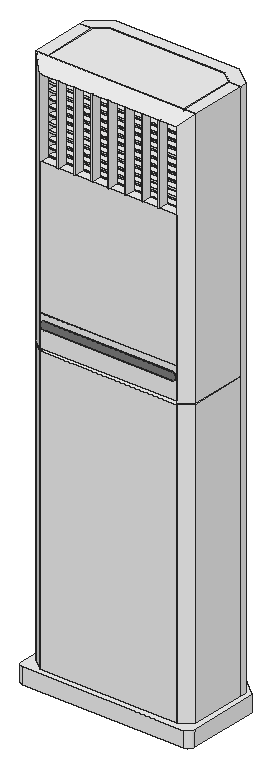
Revit family
Parameters (values of type "W525*D317*H1830")
  Manufacturer = ""
  Model = ""
  환기 재료 = 흰색, 광택
  상단 면 재료 = 흰색, 광택
  스위치 재료 = 스테인레스 스틸, 광택(2) - (1)
  측면 재료 = 흰색, 광택
  래스터 재료 = 흰색, 광택
  면 재료 = 흰색, 광택
  프레임 재료 = 흰색, 광택
Reference planes
  plane 1 "중심(앞/뒤)": y = 0
  plane 2: z = 0
  plane 3 "중심(왼쪽/오른쪽)": x = 0
  plane 4: y = 160
  plane 5: y = -160
  plane 6: x = -262.5
  plane 7: x = 262.5
  plane 8: z = 1830
  plane 9: x = -222.5
  plane 10: x = 222.5
  plane 11: y = -130
  plane 12: y = 137
  plane 13: y = 70
  plane 14: z = 50
  plane 15: z = 982
  plane 16: z = 984
  plane 17: z = 980
  plane 18: x = -282.5
  plane 19: x = 282.5
  plane 20: y = 180
  plane 21: y = -180
  plane 22: z = 1355
  plane 23: z = 1357
  plane 24: z = 1353
  plane 25: y = 80.423
  plane 26: y = 52.176
  plane 27: z = 1657.5
  plane 28: z = 1659.5
  plane 29: z = 1655.5
  plane 30: z = 1683.5
  plane 31: z = 1679.5
  plane 32: z = 1707.5
  plane 33: z = 1703.5
  plane 34: z = 1727.5
  plane 35: z = 1731.5
  plane 36: z = 1751.5
  plane 37: z = 1755.5
  plane 38: z = 1775.5
  plane 39: z = 1779.5
  plane 40: z = 1631.5
  plane 41: z = 1635.5
  plane 42: z = 1607.5
  plane 43: z = 1611.5
  plane 44: z = 1587.5
  plane 45: z = 1583.5
  plane 46: z = 1563.5
  plane 47: z = 1559.5
  plane 48: z = 1539.5
  plane 49: z = 1535.5
  plane 50: x = -2.5
  plane 51: x = 2.5
  plane 52: x = -57.5
  plane 53: x = -52.5
  plane 54: x = -112.5
  plane 55: x = -107.5
  plane 56: x = -167.5
  plane 57: x = -162.5
  plane 58: x = 57.5
  plane 59: x = 52.5
  plane 60: x = 112.5
  plane 61: x = 107.5
  plane 62: x = 167.5
  plane 63: x = 162.5
Forms (mm)
  Extrusion 1, solid, material "흰색, 광택" <- "면 재료"
    sketch origin (0, 0, 0) x (1, 0, 0) y (0, 1, 0)
      loop
        line (-222.5, -130) -> (-222.5, -160) -> (222.5, -160) -> (222.5, -130) -> (-222.5, -130)
    from 50 to 980
  Extrusion 2, solid, material "흰색, 광택" <- "면 재료"
    sketch origin (0, 0, 0) x (1, 0, 0) y (0, 1, 0)
      loop
        line (-222.5, -130) -> (-222.5, -160) -> (222.5, -160) -> (222.5, -130) -> (-222.5, -130)
    from 1093.864 to 1534
  Extrusion 3, solid, material "흰색, 광택" <- "래스터 재료"
    sketch origin (0, 0, 0) x (1, 0, 0) y (0, 1, 0)
      loop
        line (-262.5, -180) -> (262.5, -180)
        arc (262.5, -180) -> (276.642, -174.142) -> (282.5, -160) r 20
        line (282.5, -160) -> (282.5, 70) -> (202.653, 137) -> (-202.653, 137) -> (-282.5, 70) -> (-282.5, -160)
        arc (-282.5, -160) -> (-276.642, -174.142) -> (-262.5, -180) r 20
    from 0 to 50
  Extrusion 4, solid
    sketch origin (0, 0, 0) x (1, 0, 0) y (0, 1, 0)
      loop
        line (-222.5, -84.116) -> (222.5, -84.116) -> (222.5, -50.95) -> (-222.5, -50.95) -> (-222.5, -84.116)
    from 0 to 1790
  Extrusion 5, solid, material "흰색, 광택" <- "측면 재료"
    sketch origin (0, 0, 0) x (1, 0, 0) y (0, 1, 0)
      loop
        line (-262.5, 70) -> (-262.5, 52.176) -> (-222.5, 52.176) -> (-187.5, 80.423) -> (187.5, 80.423) -> (222.5, 52.176) -> (262.5, 52.176) -> (262.5, 70) -> (198.784, 121.423) -> (-201.216, 121.423) -> (-262.5, 70)
    from 0 to 1830
  Sweep 6, solid, material "흰색, 광택" <- "프레임 재료"
    path origin (0, 0, 0) x (1, 0, 0) y (0, 0, 1)
      loop
        line (-262.5, 980) -> (-262.5, 50)
    profile origin (0, 0, 515) x (0, -1, 0) y (1, 0, 0)
      loop
        line (130, -262.5) -> (160, -222.5) -> (130, -222.5) -> (130, -262.5)
  Sweep 7, solid, material "흰색, 광택" <- "프레임 재료"
    path origin (0, 0, 0) x (1, 0, 0) y (0, 0, 1)
      loop
        line (262.5, 984) -> (262.5, 1830) -> (-262.5, 1830) -> (-262.5, 984)
    profile origin (0, 0, 1407) x (0, -1, 0) y (1, 0, 0)
      loop
        line (130, -262.5) -> (160, -222.5) -> (130, -222.5) -> (130, -262.5)
  Extrusion 8, solid, material "흰색, 광택" <- "측면 재료"
    sketch origin (0, 0, 0) x (1, 0, 0) y (0, 1, 0)
      loop
        line (-262.5, 52.176) -> (-262.5, -130) -> (-222.5, -130) -> (-222.5, 52.176) -> (-262.5, 52.176)
      loop
        line (222.5, 52.176) -> (222.5, -130) -> (262.5, -130) -> (262.5, 52.176) -> (222.5, 52.176)
    from 984 to 1830
  Extrusion 9, solid, material "흰색, 광택" <- "측면 재료"
    sketch origin (0, 0, 0) x (1, 0, 0) y (0, 1, 0)
      loop
        line (-262.5, 52.176) -> (-262.5, -130) -> (-222.5, -130) -> (-222.5, 52.176) -> (-262.5, 52.176)
      loop
        line (222.5, 52.176) -> (222.5, -130) -> (262.5, -130) -> (262.5, 52.176) -> (222.5, 52.176)
    from 50 to 980
  Sweep 10, solid, material "흰색, 광택" <- "프레임 재료"
    path origin (0, 0, 0) x (1, 0, 0) y (0, 0, 1)
      loop
        line (262.5, 980) -> (262.5, 50)
    profile origin (0, 0, 515) x (0, -1, 0) y (1, 0, 0)
      loop
        line (130, 222.5) -> (160, 222.5) -> (130, 262.5) -> (130, 222.5)
  Extrusion 11, solid, material "흰색, 광택" <- "상단 면 재료"
    sketch origin (0, 0, 0) x (1, 0, 0) y (0, 1, 0)
      loop
        line (-222.5, -130) -> (222.5, -130) -> (222.5, 52.176) -> (187.5, 80.423) -> (-187.5, 80.423) -> (-222.5, 52.176) -> (-222.5, -130)
    from 1790 to 1830
  Extrusion 12, solid, material "흰색, 광택" <- "면 재료"
    sketch origin (0, 0, -99.225) x (1, 0, 0) y (0, 1, 0)
      loop
        line (-222.5, -130) -> (-222.5, -160) -> (222.5, -160) -> (222.5, -130) -> (-222.5, -130)
    from 1089 to 1191.09
  Extrusion 13, void
    sketch origin (0, 0, 0) x (1, 0, 0) y (0, 0, 1)
      loop
        arc (-207.814, 1072.864) -> (-222.785, 1057.893) -> (-207.814, 1042.922) r 14.971
        line (-207.814, 1042.922) -> (212.158, 1042.922)
        arc (212.158, 1042.922) -> (222.418, 1058.767) -> (209.865, 1072.864) r 15.574
        line (209.865, 1072.864) -> (-207.814, 1072.864)
    from 130 to 160
  Extrusion 14, solid, material "스테인레스 스틸, 광택(2) - (1)" <- "스위치 재료"
    sketch origin (0, 0, 0) x (1, 0, 0) y (0, 0, 1)
      loop
        arc (-208.976, 1070.864) -> (-221.947, 1057.893) -> (-208.976, 1044.922) r 12.971
        line (-208.976, 1044.922) -> (206.879, 1044.922)
        arc (206.879, 1044.922) -> (219.85, 1057.893) -> (206.879, 1070.864) r 12.971
        line (206.879, 1070.864) -> (-208.976, 1070.864)
    from 130 to 160
  Extrusion 15, solid, material "흰색, 광택" <- "환기 재료"
    sketch origin (0, 0, 0) x (1, 0, 0) y (0, 0, 1)
      loop
        line (-222.5, 1779.5) -> (-222.5, 1775.5) -> (222.5, 1775.5) -> (222.5, 1779.5) -> (-222.5, 1779.5)
      loop
        line (-222.5, 1755.5) -> (-222.5, 1751.5) -> (222.5, 1751.5) -> (222.5, 1755.5) -> (-222.5, 1755.5)
      loop
        line (-222.5, 1731.5) -> (-222.5, 1727.5) -> (222.5, 1727.5) -> (222.5, 1731.5) -> (-222.5, 1731.5)
      loop
        line (-222.5, 1707.5) -> (-222.5, 1703.5) -> (222.5, 1703.5) -> (222.5, 1707.5) -> (-222.5, 1707.5)
      loop
        line (-222.5, 1683.5) -> (-222.5, 1679.5) -> (222.5, 1679.5) -> (222.5, 1683.5) -> (-222.5, 1683.5)
      loop
        line (-222.5, 1535.5) -> (222.5, 1535.5) -> (222.5, 1539.5) -> (-222.5, 1539.5) -> (-222.5, 1535.5)
      loop
        line (-222.5, 1559.5) -> (222.5, 1559.5) -> (222.5, 1563.5) -> (-222.5, 1563.5) -> (-222.5, 1559.5)
      loop
        line (-222.5, 1583.5) -> (222.5, 1583.5) -> (222.5, 1587.5) -> (-222.5, 1587.5) -> (-222.5, 1583.5)
      loop
        line (-222.5, 1607.5) -> (222.5, 1607.5) -> (222.5, 1611.5) -> (-222.5, 1611.5) -> (-222.5, 1607.5)
      loop
        line (-222.5, 1631.5) -> (222.5, 1631.5) -> (222.5, 1635.5) -> (-222.5, 1635.5) -> (-222.5, 1631.5)
      loop
        line (-222.5, 1655.5) -> (222.5, 1655.5) -> (222.5, 1659.5) -> (-222.5, 1659.5) -> (-222.5, 1655.5)
    from 110 to 130
  Extrusion 16, solid, material "흰색, 광택" <- "환기 재료"
    sketch origin (0, 0, 0) x (1, 0, 0) y (0, 0, 1)
      loop
        line (-2.5, 1790) -> (-2.5, 1534) -> (2.5, 1534) -> (2.5, 1790) -> (-2.5, 1790)
      loop
        line (-57.5, 1790) -> (-57.5, 1534) -> (-52.5, 1534) -> (-52.5, 1790) -> (-57.5, 1790)
      loop
        line (-112.5, 1790) -> (-112.5, 1534) -> (-107.5, 1534) -> (-107.5, 1790) -> (-112.5, 1790)
      loop
        line (-167.5, 1790) -> (-167.5, 1534) -> (-162.5, 1534) -> (-162.5, 1790) -> (-167.5, 1790)
      loop
        line (57.5, 1790) -> (52.5, 1790) -> (52.5, 1534) -> (57.5, 1534) -> (57.5, 1790)
      loop
        line (112.5, 1790) -> (107.5, 1790) -> (107.5, 1534) -> (112.5, 1534) -> (112.5, 1790)
      loop
        line (167.5, 1790) -> (162.5, 1790) -> (162.5, 1534) -> (167.5, 1534) -> (167.5, 1790)
    from 130 to 160
Cuts and joins
  Extrusion 13 cuts Extrusion 1
  Extrusion 13 cuts Extrusion 2
  Extrusion 13 cuts Extrusion 3
  Extrusion 13 cuts Extrusion 4
  Extrusion 13 cuts Extrusion 5
  Extrusion 13 cuts Sweep 6
  Extrusion 13 cuts Sweep 7
  Extrusion 13 cuts Extrusion 8
  Extrusion 13 cuts Extrusion 9
  Extrusion 13 cuts Sweep 10
  Extrusion 13 cuts Extrusion 11
  Extrusion 13 cuts Extrusion 12
Dimensions and locks
  aligned and locked: Extrusion 3 to plane 12
